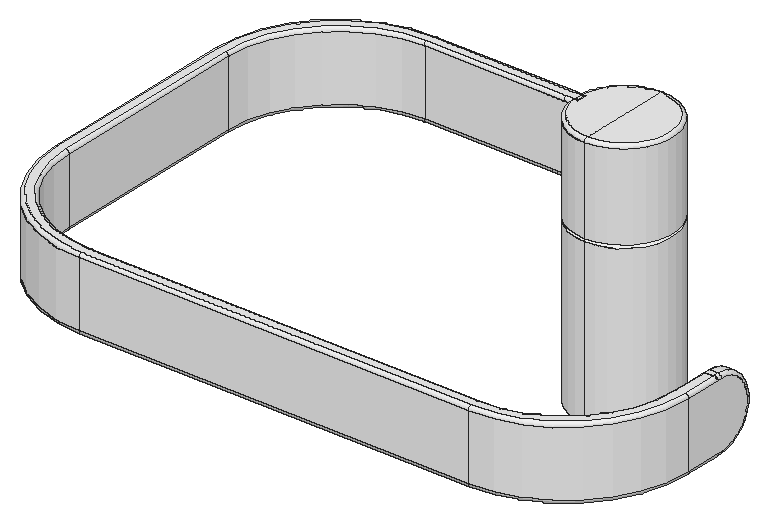
Revit family "Towel Ring-Dorf Villa", category Specialty Equipment, host Face, Revit 2014
Parameters (values of type "Standard")
  Waste Connection = no
  Vent Connection = no
  URL = "http://specify.caroma.com.au/"
  Type Comments = "Dorf Villa Towel Ring"  # constant formula
  ModifiedIssue_ANZRS = 20160317.54  # constant formula
  Model = "6913.04"  # constant formula
  Material_ANZRS = Metal-Chrome-Caroma
  Manufacturer = "GWA Bathrooms&Kitchens\r\n"  # constant formula
  Keynote = ""
  HW Connection = yes
  Description = "TBC"  # constant formula
  Default Elevation = 0 mm
  CreatedBy_ANZRS = "Design Content"  # constant formula
  CreatedByURL_ANZRS = "http://www.designcontent.com.au"
  Cost = 0  # constant formula
  CW Connection = yes
  Assembly Code = "C1030200"
Reference planes
  plane 1 "Center (Front/Back)": y = 0
  plane 2: z = 0
  plane 3 "Center (Left/Right)": x = 0
Forms (mm)
  Extrusion 1, solid, material "Metal-Chrome-Caroma" <- "Material_ANZRS"
    sketch origin (0, 0, 0) x (0, -1, 0) y (1, 0, 0)
      loop
        circle (0, 0) r 13.5
    from 0 to 69.1
  Revolve 2, void
    sketch origin (0, 0, 0.039) x (0, -1, 0) y (0, 0, 1)
      loop
        line (13.82, 44.285) -> (14.807, 44.285) -> (14.807, 45.405) -> (12.701, 45.405) -> (13.82, 44.285)
      axis (0, 45.405) -> (0, 44.285)
    angle from 0 to 360
  Extrusion 3, solid, material "Metal-Chrome-Caroma" <- "Material_ANZRS"
    sketch origin (0, 0, 0) x (0, -1, 0) y (1, 0, 0)
      loop
        line (-2, -12.935) -> (-2, -53.336)
        arc (-2, -53.336) -> (7.962, -77.388) -> (32.014, -87.35) r 34.014
        line (32.014, -87.35) -> (86.818, -87.35)
        arc (86.818, -87.35) -> (110.988, -77.338) -> (121, -53.168) r 34.182
        line (121, -53.168) -> (121, 54.04)
        arc (121, 54.04) -> (111.156, 77.806) -> (87.39, 87.65) r 33.61
        line (87.39, 87.65) -> (86.482, 87.65) -> (86.479, 83.647) -> (87.784, 83.647)
        arc (87.784, 83.647) -> (108.466, 74.838) -> (117, 54.04) r 29.61
        line (117, 54.04) -> (117, -53.168)
        arc (117, -53.168) -> (108.16, -74.51) -> (86.818, -83.35) r 30.182
        line (86.818, -83.35) -> (32.014, -83.35)
        arc (32.014, -83.35) -> (10.791, -74.559) -> (2, -53.336) r 30.014
        line (2, -53.336) -> (2, -12.935) -> (-2, -12.935)
    from 51.1 to 69.1
  Extrusion 4, solid, material "Metal-Chrome-Caroma" <- "Material_ANZRS"
    sketch origin (0, 0, 0) x (0, -1, 0) y (0, 0, 1)
      loop
        line (87.42, 69.1) -> (76, 69.1)
        arc (76, 69.1) -> (67, 60.1) -> (76, 51.1) r 9
        line (76, 51.1) -> (87.42, 51.1) -> (87.42, 69.1)
    from -87.65 to -83.647
  Sweep 5, solid, material "Metal-Chrome-Caroma" <- "Material_ANZRS"
    path origin (0, -86.482, 69.1) x (0, 1, 0) y (-1, 0, 0)
      loop
        line (86.482, 11.68) -> (86.482, 14.825) -> (86.482, 53.336)
        arc (86.482, 53.336) -> (77.106, 75.973) -> (54.469, 85.35) r 32.014
        line (54.469, 85.35) -> (-0.335, 85.35)
        arc (-0.335, 85.35) -> (-23.092, 75.924) -> (-32.518, 53.168) r 32.182
        line (-32.518, 53.168) -> (-32.518, -54.04)
        arc (-32.518, -54.04) -> (-23.259, -76.392) -> (-0.908, -85.65) r 31.61
        line (-0.908, -85.65) -> (9.092, -85.65)
    profile origin (85.65, -82.39, 69.1) x (-1, 0, 0) y (0, 0, 1)
      loop
        line (-2, 0) -> (2.003, 0)
        arc (2.003, 0) -> (1.778, 0.622) -> (1.235, 1) r 1.092
        line (1.235, 1) -> (-1, 1)
        arc (-1, 1) -> (-1.707, 0.707) -> (-2, 0) r 1
  Sweep 6, solid, material "Metal-Chrome-Caroma" <- "Material_ANZRS"
    path origin (0, -86.482, 51.1) x (1, 0, 0) y (0, 1, 0)
      loop
        line (-11.68, 86.482) -> (-14.825, 86.482) -> (-53.336, 86.482)
        arc (-53.336, 86.482) -> (-75.973, 77.106) -> (-85.35, 54.469) r 32.014
        line (-85.35, 54.469) -> (-85.35, -0.335)
        arc (-85.35, -0.335) -> (-75.924, -23.092) -> (-53.168, -32.518) r 32.182
        line (-53.168, -32.518) -> (54.04, -32.518)
        arc (54.04, -32.518) -> (76.392, -23.259) -> (85.65, -0.908) r 31.61
        line (85.65, -0.908) -> (85.65, 9.092)
    profile origin (85.65, -82.39, 51.1) x (-1, 0, 0) y (0, 0, 1)
      loop
        arc (-2, 0) -> (-1.707, -0.707) -> (-1, -1) r 1
        line (-1, -1) -> (1.235, -1)
        arc (1.235, -1) -> (1.778, -0.622) -> (2.003, 0) r 1.092
        line (2.003, 0) -> (-2, 0)
  Revolve 7, solid, material "Metal-Chrome-Caroma" <- "Material_ANZRS"
    sketch origin (0, 0, 0) x (0, -1, 0) y (0, 0, 1)
      loop
        line (0, 69.1) -> (0, 70.1) -> (-12.57, 70.1)
        arc (-12.57, 70.1) -> (-13.236, 69.787) -> (-13.5, 69.1) r 0.986
        line (-13.5, 69.1) -> (0, 69.1)
      axis (0, 70.1) -> (0, 69.1)
    angle from 0 to 360
  Sweep 8, solid, material "Metal-Chrome-Caroma" <- "Material_ANZRS"
    path origin (83.647, -0.156, 0.001) x (0, -1, 0) y (0, 0, 1)
      loop
        line (77.39, 51.1) -> (75.901, 51.1)
        arc (75.901, 51.1) -> (66.901, 60.1) -> (75.901, 69.1) r 9
        line (75.901, 69.1) -> (77.39, 69.1)
    profile origin (83.647, -76.802, 69.101) x (0, 0, 1) y (-1, 0, 0)
      loop
        arc (0, -3.998) -> (0.707, -3.705) -> (1, -2.998) r 1
        line (1, -2.998) -> (1, -0.763)
        arc (1, -0.763) -> (0.622, -0.22) -> (0, 0.005) r 1.092
        line (0, 0.005) -> (0, -3.998)
Cuts and joins
  joined: Extrusion 3, Extrusion 4
  Revolve 2 cuts Extrusion 1
Dimensions and locks
  aligned and locked: plane 2 to host face
  aligned and locked: level to host face
  aligned and locked: Extrusion 4 to Extrusion 3
  aligned and locked: Extrusion 3 to Extrusion 4
